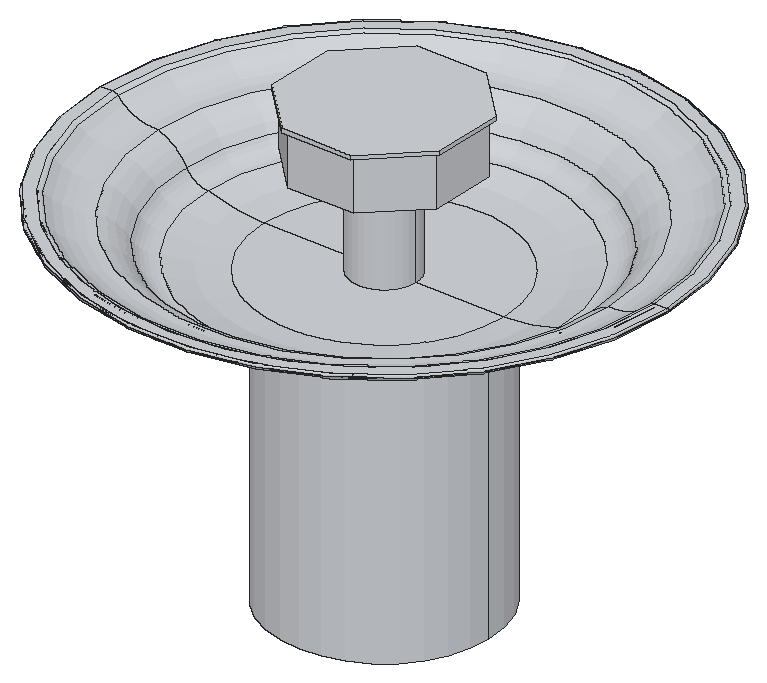
Revit family "Washfountain-Willoughby-5408-WWF", category Plumbing Fixtures, host Face, Revit 2014
Parameters (values of type "Standard")
  Waste DIA = 2"
  Waste Connection = yes
  Vent Connection = no
  URL = "www.willoughby-ind.com"
  Revision = "A"
  Model = "WWF-5406"
  Manufacturer = "Willoughby Industries"
  HW Connection = yes
  HCW DIA = 1/2"
  Fixture Body = Stainless Steel AISI 304-Willoughby
  Description = "Six Station Washfountain"
  Default Elevation = 0' - 0"
  Contact = "800-428-4065"
  CW Connection = yes
Reference planes (in)
  plane 1 "Center (Front/Back)": y = 0
  plane 2: z = 0
  plane 3 "Center (Left/Right)": x = 0
  plane 4: x = -27
  plane 5: x = 27
  plane 6 "Top Pf Sink": z = 34
  plane 7 "Bottom Of Sink": z = 27.5
  plane 8: x = 10
  plane 9: x = -10
  plane 10 "Bottom Of Faucet Head": z = 37.0625
  plane 11 "Faucet Head HGT": z = 41.875
  plane 12 "Top Of Cap": z = 42.25
Forms (in)
  Revolve 1, solid
    sketch origin (0, 0, -20) x (1, 0, 0) y (0, 0, 1)
      loop
        line (-27, 53.83658) -> (-27, 53.7862)
        arc (-27, 53.7862) -> (-26.95279, 53.67221) -> (-26.8388, 53.625) r 0.1612
        line (-26.8388, 53.625) -> (-25.625, 53.625)
        arc (-25.625, 53.625) -> (-23.73121, 52.27152) -> (-21.4375, 51.875) r 5.22415
        arc (-21.4375, 51.875) -> (-20.07609, 51.04401) -> (-19.0625, 49.8125) r 4.79567
        arc (-19.0625, 49.8125) -> (-18.07558, 48.76236) -> (-16.6875, 48.375) r 2.68071
        arc (-16.6875, 48.375) -> (-14.06704, 47.72021) -> (-11.375, 47.5) r 16.56473
        line (-11.375, 47.5) -> (0, 47.5) -> (0, 47.875) -> (-11.375, 47.875)
        arc (-11.375, 47.875) -> (-14.03757, 48.09545) -> (-16.62764, 48.75078) r 16.18973
        arc (-16.62764, 48.75078) -> (-17.85869, 49.06961) -> (-18.73348, 49.99258) r 2.30571
        arc (-18.73348, 49.99258) -> (-19.85977, 51.35263) -> (-21.37804, 52.25438) r 5.17067
        arc (-21.37804, 52.25438) -> (-23.50505, 52.5843) -> (-25.27973, 53.80231) r 4.84915
        arc (-25.27973, 53.80231) -> (-25.48482, 53.94841) -> (-25.73129, 54) r 0.61458
        line (-25.73129, 54) -> (-26.83658, 54)
        arc (-26.83658, 54) -> (-26.95213, 53.95213) -> (-27, 53.83658) r 0.16342
      axis (0, 54) -> (0, 47.5)
    angle from 0 to 360
  Revolve 2, solid
    sketch origin (0, 0, 0) x (1, 0, 0) y (0, 0, 1)
      loop
        line (0, 27.5) -> (-10, 27.5) -> (-10, 0) -> (0, 0) -> (0, 27.5)
      axis (0, 27.5) -> (0, 0)
    angle from 0 to 360
  Revolve 3, solid
    sketch origin (0, 0, 0) x (1, 0, 0) y (0, 0, 1)
      loop
        line (0, 34) -> (0, 37.0625) -> (-3, 37.0625) -> (-3, 27.5) -> (0, 27.5) -> (0, 34)
      axis (0, 37.0625) -> (0, 27.5)
    angle from 0 to 360
  Extrusion 4, solid
    sketch origin (0, 0, 42.25) x (1, 0, 0) y (0, 1, 0)
      loop
        line (-3.3135, 8) -> (-7.9995, 3.314) -> (-7.9995, -3.314) -> (-3.3135, -8) -> (3.3135, -8) -> (7.9995, -3.314) -> (7.9995, 3.314) -> (3.3135, 8) -> (-3.3135, 8)
    from 0 to -0.375
  Extrusion 5, solid
    sketch origin (0, 0, 37.0625) x (1, 0, 0) y (0, 1, 0)
      loop
        line (-3.1065, 7.5) -> (-7.49975, 3.10675) -> (-7.49975, -3.10625) -> (-3.1065, -7.49951) -> (3.1065, -7.49951) -> (7.49975, -3.10625) -> (7.49975, 3.10675) -> (3.1065, 7.5) -> (-3.1065, 7.5)
    from 0 to 4.8125
  Extrusion 6, solid, detail levels medium+fine
    sketch origin (0, 0, 0) x (1, 0, 0) y (0, 1, 0)
      loop
        circle (4, -2) r 1
    from 3 to 6
  Extrusion 7, solid, detail levels medium+fine
    sketch origin (0, 0, 0) x (1, 0, 0) y (0, 1, 0)
      loop
        circle (-2, -2) r 0.25
    from 3 to 6
  Extrusion 8, solid, detail levels medium+fine
    sketch origin (0, 0, 0) x (1, 0, 0) y (0, 1, 0)
      loop
        circle (-2, -6) r 0.25
    from 3 to 6
Lines and regions (in)
  symbolic lines
    curve 1: line (6.92865, 0, 41.875) -> (-6.92865, 0, 41.875)
    curve 2: line (-6.92865, 0, 41.875) -> (-6.92865, 0, 37.0625)
    curve 3: line (-6.92865, 0, 37.0625) -> (6.92865, 0, 37.0625)
    curve 4: line (6.92865, 0, 37.0625) -> (6.92865, 0, 41.875)
    curve 5: line (6.92865, 0, 41.875) -> (7.506, 0, 41.875)
    curve 6: line (7.506, 0, 41.875) -> (7.506, 0, 42.25)
    curve 7: line (7.506, 0, 42.25) -> (-7.506, 0, 42.25)
    curve 8: line (-7.506, 0, 42.25) -> (-7.506, 0, 41.875)
    curve 9: line (-7.506, 0, 41.875) -> (-6.92865, 0, 41.875)
    curve 10: line (-3, 0, 37.0625) -> (-3, 0, 34)
    curve 11: line (3, 0, 37.0625) -> (3, 0, 34)
    curve 12: line (26.87149, 0, 34) -> (-26.83229, 0, 34)
    curve 13: line (-26.83229, 0, 33.61752) -> (26.87149, 0, 33.61752)
    curve 14: arc (26.87149, 0, 33.61752) -> (27.00384, 0, 33.80876) -> (26.87149, 0, 34) r 0.20434
    curve 15: arc (-26.83229, 0, 34) -> (-27.02353, 0, 33.80876) -> (-26.83229, 0, 33.61752) r 0.19124
    curve 16: arc (-25.59331, 0, 33.61752) -> (-23.7164, 0, 32.26691) -> (-21.4375, 0, 31.875) r 5.14341
    curve 17: arc (-21.4375, 0, 31.875) -> (-20.06597, 0, 31.05566) -> (-19.0625, 0, 29.8125) r 4.547
    curve 18: arc (-19.0625, 0, 29.8125) -> (-18.06774, 0, 28.7753) -> (-16.6875, 0, 28.375) r 2.77422
    curve 19: arc (-16.6875, 0, 28.375) -> (-13.38121, 0, 27.65121) -> (-10, 0, 27.5) r 19.83774
    curve 20: line (-10, 0, 27.5) -> (10, 0, 27.5)
    curve 21: arc (10, 0, 27.5) -> (13.38558, 0, 27.6178) -> (16.6875, 0, 28.375) r 17.7964
    curve 22: arc (16.6875, 0, 28.375) -> (18.08141, 0, 28.75272) -> (19.0625, 0, 29.8125) r 2.61603
    curve 23: arc (19.0625, 0, 29.8125) -> (20.07709, 0, 31.04286) -> (21.4375, 0, 31.875) r 4.82202
    curve 24: arc (21.4375, 0, 31.875) -> (23.7314, 0, 32.26527) -> (25.625, 0, 33.61752) r 5.19634
    curve 25: line (-10, 0, 27.5) -> (-10, 0, 0)
    curve 26: line (-10, 0, 0) -> (10, 0, 0)
    curve 27: line (10, 0, 0) -> (10, 0, 27.5)
    curve 28: line (0, 7.5, 41.875) -> (0, -7.49951, 41.875)
    curve 29: line (0, -7.49951, 41.875) -> (0, -7.49951, 37.0625)
    curve 30: line (0, -7.49951, 37.0625) -> (0, 7.5, 37.0625)
    curve 31: line (0, 7.5, 37.0625) -> (0, 7.5, 41.875)
    curve 32: line (0, 7.5, 41.875) -> (0, 8, 41.875)
    curve 33: line (0, 8, 41.875) -> (0, 8, 42.25)
    curve 34: line (0, 8, 42.25) -> (0, -8, 42.25)
    curve 35: line (0, -8, 42.25) -> (0, -8, 41.875)
    curve 36: line (0, -8, 41.875) -> (0, -7.49951, 41.875)
    curve 37: line (0, -3, 37.0625) -> (0, -3, 34)
    curve 38: line (0, 3, 37.0625) -> (0, 3, 34)
    curve 39: line (0, -26.83395, 34) -> (0, 26.91605, 34)
    curve 40: line (0, 26.91605, 33.62562) -> (0, -26.83395, 33.62562)
    curve 41: arc (0, -26.83395, 33.62562) -> (0, -27.02114, 33.81281) -> (0, -26.83395, 34) r 0.18719
    curve 42: arc (0, -25.58395, 33.62562) -> (0, -23.71865, 32.25782) -> (0, -21.4375, 31.875) r 5.00412
    curve 43: arc (0, -21.4375, 31.875) -> (0, -20.07204, 31.04868) -> (0, -19.0625, 29.8125) r 4.69264
    curve 44: arc (0, -19.0625, 29.8125) -> (0, -18.06335, 28.78256) -> (0, -16.6875, 28.375) r 2.83032
    curve 45: arc (0, -16.6875, 28.375) -> (0, -13.38434, 27.62729) -> (0, -10, 27.5) r 18.33134
    curve 46: line (0, -10, 27.5) -> (0, 10, 27.5)
    curve 47: arc (0, 10, 27.5) -> (0, 13.3855, 27.61838) -> (0, 16.6875, 28.375) r 17.82836
    curve 48: arc (0, 16.6875, 28.375) -> (0, 18.06981, 28.77189) -> (0, 19.0625, 29.8125) r 2.74878
    curve 49: arc (0, 19.0625, 29.8125) -> (0, 20.06312, 31.05895) -> (0, 21.4375, 31.875) r 4.48194
    curve 50: arc (0, 21.4375, 31.875) -> (0, 23.7357, 32.26457) -> (0, 25.62805, 33.62562) r 5.16077
    curve 51: line (0, 10, 27.5) -> (0, 10, 0)
    curve 52: line (0, 10, 0) -> (0, -10, 0)
    curve 53: line (0, -10, 0) -> (0, -10, 27.5)
    curve 54: circle (0, 0, 0) r 27 normal (0, 0, 1)
    curve 57: line (-7.9995, 3.314, 0) -> (-3.3135, 8, 0)
    curve 58: line (-3.3135, 8, 0) -> (3.3135, 8, 0)
    curve 59: line (3.3135, 8, 0) -> (7.9995, 3.314, 0)
    curve 60: line (7.9995, 3.314, 0) -> (7.9995, -3.314, 0)
    curve 61: line (7.9995, -3.314, 0) -> (3.3135, -8, 0)
    curve 62: line (3.3135, -8, 0) -> (-3.3135, -8, 0)
    curve 63: line (-3.3135, -8, 0) -> (-7.9995, -3.314, 0)
    curve 64: line (-7.9995, -3.314, 0) -> (-7.9995, 3.314, 0)
    curve 65: line (7.49975, 0, 37.05149) -> (7.49975, 0, 41.875)
    curve 66: line (7.49975, 0, 41.875) -> (-7.506, 0, 41.875)
    curve 67: line (-7.506, 0, 41.875) -> (-7.506, 0, 37.05149)
    curve 68: line (-7.506, 0, 37.05149) -> (7.49975, 0, 37.05149)
    curve 69: line (7.506, 0, 41.875) -> (7.9995, 0, 41.875)
    curve 70: line (7.9995, 0, 41.875) -> (7.9995, 0, 42.25)
    curve 71: line (7.9995, 0, 42.25) -> (-7.9995, 0, 42.25)
    curve 72: line (-7.9995, 0, 42.25) -> (-7.9995, 0, 41.875)
  symbolic lines, detail levels fine
    curve 55: circle (0, 0, 0) r 21.4375 normal (0, 0, 1)
    curve 56: circle (0, 0, 0) r 16.6875 normal (0, 0, 1)
Dimensions and locks (in)
  equal spacing: plane 4, plane 3 "Center (Left/Right)", plane 5
  equal spacing: plane 8, plane 3 "Center (Left/Right)", plane 9, locked at 10 each
  aligned and locked: plane 2 to host face
  aligned and locked: level to host face
  aligned and locked: Revolve 2 sketch curve to Revolve 2 sketch curve  (x2)
  aligned and locked: Revolve 3 sketch curve to Revolve 3 sketch curve  (x2)
  aligned and locked: Extrusion 4 to plane 11 "Faucet Head HGT"
  aligned and locked: plane 12 "Top Of Cap" to Extrusion 4
  aligned and locked: plane 11 "Faucet Head HGT" to Extrusion 5
Automatic sketch dimensions
  host sketch curve to host sketch curve = 8' - 0"  (x2)
  Revolve 2 sketch curve to plane 9 = 0' - 0"
  Revolve 2 sketch curve to plane 3 "Center (Left/Right)" = 0' - 0"
  Revolve 2 sketch curve to level = 0' - 0"  (x2)
  Revolve 2 sketch curve to plane 7 "Bottom Of Sink" = 0' - 0"
  Revolve 3 sketch curve to plane 7 "Bottom Of Sink" = 0' - 0"  (x2)
  Revolve 3 sketch curve to plane 3 "Center (Left/Right)" = 0' - 0"
  Revolve 3 sketch curve to plane 6 "Top Pf Sink" = 0' - 0"
  Revolve 3 sketch curve to Revolve 3 sketch curve = 0' - 3"
  plane 6 "Top Pf Sink" to Revolve 3 sketch curve = 0' - 3 1/16"
  Revolve 1 sketch curve to Revolve 1 sketch curve = 0' - 0"  (x9)
  plane 4 to Revolve 1 sketch curve = 0' - 0"
  Revolve 1 sketch curve to plane 6 "Top Pf Sink" = 0' - 0"  (x2)
  Revolve 1 sketch curve to plane 3 "Center (Left/Right)" = 0' - 0"  (x2)
  Revolve 1 sketch curve to plane 7 "Bottom Of Sink" = 0' - 0"  (x2)
  Revolve 1 sketch curve to Revolve 1 sketch curve = 0' - 0.1612"
  Revolve 1 sketch curve to Revolve 1 sketch curve = 0' - 0.00223"
  Revolve 1 sketch curve to Revolve 1 sketch curve = 0' - 1.10529"
  Revolve 1 sketch curve to Revolve 1 sketch curve = 0' - 0.10629"
  Revolve 1 sketch curve to plane 7 "Bottom Of Sink" = 0' - 0.07688"
  Revolve 1 sketch curve to plane 4 = 0' - 3.77945"
  plane 10 "Bottom Of Faucet Head" to Revolve 1 sketch curve = 0' - 0.02918"
  Revolve 1 sketch curve to Revolve 1 sketch curve = 0' - 4.01447"
  Revolve 1 sketch curve to plane 9 = 0' - 6 11/16"
  Revolve 1 sketch curve to plane 9 = 0' - 1 3/8"
  Revolve 1 sketch curve to Revolve 1 sketch curve = 0' - 0 3/8"
  Revolve 1 sketch curve to plane 6 "Top Pf Sink" = 0' - 2.94429"
  Revolve 1 sketch curve to Revolve 1 sketch curve = 0' - 0.61458"
  Revolve 1 sketch curve to Revolve 1 sketch curve = 0' - 0.23958"
  plane 12 "Top Of Cap" to Revolve 1 sketch curve = 0' - 1.81473"
  Revolve 1 sketch curve to Revolve 1 sketch curve = 0' - 3.84223"
  Revolve 1 sketch curve to Revolve 1 sketch curve = 0' - 0.05946"
  Revolve 1 sketch curve to Revolve 1 sketch curve = 0' - 0.32902"
  plane 1 "Center (Front/Back)" to Extrusion 6 sketch curve = 0' - 2"
  plane 3 "Center (Left/Right)" to Extrusion 6 sketch curve = 0' - 4"
  Extrusion 7 sketch curve to plane 3 "Center (Left/Right)" = 0' - 2"
  plane 1 "Center (Front/Back)" to Extrusion 7 sketch curve = 0' - 2"
  Extrusion 8 sketch curve to plane 3 "Center (Left/Right)" = 0' - 2"
  plane 1 "Center (Front/Back)" to Extrusion 8 sketch curve = 0' - 6"
  Extrusion 4 sketch curve to plane 3 "Center (Left/Right)" = 0' - 3.3135"  (x2)
  plane 9 to Extrusion 4 sketch curve = 0' - 2.0005"
  plane 3 "Center (Left/Right)" to Extrusion 4 sketch curve = 0' - 3.3135"  (x2)
  Extrusion 4 sketch curve to plane 8 = 0' - 2.0005"
  plane 1 "Center (Front/Back)" to Extrusion 4 sketch curve = 0' - 3.314"  (x2)
  Extrusion 4 sketch curve to plane 1 "Center (Front/Back)" = 0' - 3.314"  (x2)
  Extrusion 4 sketch curve to Extrusion 4 sketch curve = 0' - 4.686"  (x2)
  Extrusion 5 sketch curve to plane 3 "Center (Left/Right)" = 0' - 3.1065"  (x2)
  plane 9 to Extrusion 5 sketch curve = 0' - 2.50025"
  plane 3 "Center (Left/Right)" to Extrusion 5 sketch curve = 0' - 3.1065"  (x2)
  Extrusion 5 sketch curve to plane 8 = 0' - 2.50025"
  plane 1 "Center (Front/Back)" to Extrusion 5 sketch curve = 0' - 3.10625"  (x2)
  Extrusion 5 sketch curve to plane 1 "Center (Front/Back)" = 0' - 3.10675"  (x2)
  Extrusion 5 sketch curve to Extrusion 5 sketch curve = 0' - 4.39325"  (x2)
  curve 54 to curve 56 = 0' - 0"  (x2)
  curve 55 to curve 56 = 0' - 0"  (x2)
  plane 1 "Center (Front/Back)" to curve 54 = 0' - 0"
  curve 54 to plane 3 "Center (Left/Right)" = 0' - 0"
  curve 62 to plane 3 "Center (Left/Right)" = 0' - 3.3135"
  curve 57 to plane 3 "Center (Left/Right)" = 0' - 3.3135"
  plane 3 "Center (Left/Right)" to curve 61 = 0' - 3.3135"
  plane 3 "Center (Left/Right)" to curve 59 = 0' - 3.3135"
  curve 59 to plane 8 = 0' - 2.0005"
  plane 1 "Center (Front/Back)" to curve 61 = 0' - 3.314"
  plane 1 "Center (Front/Back)" to curve 63 = 0' - 8"
  curve 60 to plane 1 "Center (Front/Back)" = 0' - 3.314"
  curve 58 to plane 1 "Center (Front/Back)" = 0' - 8"
  plane 9 to curve 64 = 0' - 2.0005"
  plane 1 "Center (Front/Back)" to curve 64 = 0' - 3.314"
  curve 57 to plane 1 "Center (Front/Back)" = 0' - 3.314"
  curve 15 to plane 6 "Top Pf Sink" = 0' - 0"
  curve 19 to plane 7 "Bottom Of Sink" = 0' - 0"
  curve 19 to plane 9 = 0' - 0"
  curve 72 to plane 11 "Faucet Head HGT" = 0' - 0"
  curve 71 to plane 12 "Top Of Cap" = 0' - 0"
  curve 8 to plane 11 "Faucet Head HGT" = 0' - 0"
  curve 7 to plane 12 "Top Of Cap" = 0' - 0"
  curve 3 to plane 10 "Bottom Of Faucet Head" = 0' - 0"
  curve 20 to plane 8 = 0' - 0"
  curve 25 to level = 0' - 0"
  curve 19 to plane 9 = 0' - 0.80755"
  curve 18 to plane 9 = 0' - 6.63125"
  curve 16 to plane 10 "Bottom Of Faucet Head" = 0' - 0.05227"
  curve 16 to plane 4 = 0' - 5.27247"
  plane 7 "Bottom Of Sink" to curve 17 = 0' - 0.12253"
  curve 17 to plane 4 = 0' - 3.95262"
  curve 12 to plane 4 = 0' - 0.16771"
  plane 9 to curve 8 = 0' - 2.494"
  curve 8 to curve 9 = 0' - 0.57735"
  curve 5 to plane 8 = 0' - 3.07135"
  curve 68 to plane 10 "Bottom Of Faucet Head" = 0' - 0.01101"
  curve 3 to curve 68 = 0' - 0.5711"
  curve 65 to curve 6 = 0' - 0.00625"
  curve 6 to curve 71 = 0' - 0.4935"
  plane 8 to curve 21 = 0' - 1.07676"
  plane 8 to curve 22 = 0' - 6.72683"
  plane 10 "Bottom Of Faucet Head" to curve 24 = 0' - 0.00031"
  plane 5 to curve 24 = 0' - 5.26498"
  curve 23 to plane 7 "Bottom Of Sink" = 0' - 0.09793"
  plane 5 to curve 23 = 0' - 3.76117"
  plane 5 to curve 14 = 0' - 0.20051"
  plane 5 to curve 13 = 0' - 0.12851"
  plane 5 to curve 12 = 0' - 0.12851"
  curve 22 to plane 6 "Top Pf Sink" = 0' - 3.00927"
  curve 18 to plane 6 "Top Pf Sink" = 0' - 2.85136"
  curve 13 to curve 15 = 0' - 0.38248"
  plane 12 "Top Of Cap" to curve 21 = 0' - 3.01379"
  plane 12 "Top Of Cap" to curve 19 = 0' - 5.0713"
  plane 7 "Bottom Of Sink" to curve 19 = 0' - 0 7/8"
  curve 17 to curve 18 = 0' - 0"
  curve 16 to plane 6 "Top Pf Sink" = 0' - 2 1/8"
  curve 72 to curve 7 = 0' - 0.4935"
  curve 10 to plane 3 "Center (Left/Right)" = 0' - 3"
  plane 3 "Center (Left/Right)" to curve 11 = 0' - 3"
  plane 7 "Bottom Of Sink" to curve 21 = 0' - 0 7/8"
  plane 7 "Bottom Of Sink" to curve 23 = 0' - 2 5/16"
  curve 23 to plane 6 "Top Pf Sink" = 0' - 2 1/8"
  curve 41 to plane 6 "Top Pf Sink" = 0' - 0"
  curve 46 to plane 7 "Bottom Of Sink" = 0' - 0"
  curve 52 to level = 0' - 0"
  curve 34 to plane 12 "Top Of Cap" = 0' - 0"
  curve 35 to plane 11 "Faucet Head HGT" = 0' - 0"
  curve 29 to plane 10 "Bottom Of Faucet Head" = 0' - 0"
  curve 40 to plane 6 "Top Pf Sink" = 0' - 0.37438"
  plane 1 "Center (Front/Back)" to curve 40 = 2' - 2.83395"
  plane 7 "Bottom Of Sink" to curve 43 = 0' - 0.00558"
  curve 41 to curve 43 = 0' - 3.68501"
  curve 42 to plane 10 "Bottom Of Faucet Head" = 0' - 0.19459"
  curve 39 to curve 42 = 0' - 5.06167"
  curve 43 to curve 44 = 0' - 6.55113"
  plane 12 "Top Of Cap" to curve 45 = 0' - 3.55371"
  plane 1 "Center (Front/Back)" to curve 45 = 0' - 11.00611"
  curve 44 to curve 46 = 0' - 6.59781"
  curve 45 to curve 34 = 0' - 3.00611"
  curve 35 to curve 29 = 0' - 0.50049"
  curve 30 to plane 1 "Center (Front/Back)" = 0' - 7 1/2"
  curve 31 to curve 32 = 0' - 0 1/2"
  curve 30 to curve 51 = 0' - 2 1/2"
  curve 33 to curve 47 = 0' - 3.07254"
  curve 48 to plane 6 "Top Pf Sink" = 0' - 2.87653"
  curve 47 to curve 48 = 0' - 6.64648"
  curve 50 to plane 10 "Bottom Of Faucet Head" = 0' - 0.03598"
  curve 48 to curve 50 = 0' - 5.09989"
  plane 7 "Bottom Of Sink" to curve 49 = 0' - 0.17493"
  curve 48 to curve 49 = 0' - 6.35538"
  curve 44 to plane 6 "Top Pf Sink" = 0' - 2.7961"
  plane 12 "Top Of Cap" to curve 47 = 0' - 3.04607"
  curve 40 to curve 42 = 0' - 1 1/4"
  curve 43 to plane 6 "Top Pf Sink" = 0' - 2 1/8"
  curve 44 to curve 43 = 0' - 0"
  plane 1 "Center (Front/Back)" to curve 37 = 0' - 3"
  curve 38 to plane 1 "Center (Front/Back)" = 0' - 3"
  plane 7 "Bottom Of Sink" to curve 47 = 0' - 0 7/8"
  curve 49 to curve 48 = 0' - 0"
  curve 50 to plane 6 "Top Pf Sink" = 0' - 2 1/8"
  curve 50 to curve 39 = 0' - 1.288"
  curve 40 to curve 39 = 0' - 0"
  radius of Extrusion 6 sketch curve = 0' - 1"
  radius of Extrusion 7 sketch curve = 0' - 0 1/4"
  radius of Extrusion 8 sketch curve = 0' - 0 1/4"
  radius of curve 54 = 2' - 3"
  radius of curve 55 = 1' - 9 7/16"
  radius of curve 56 = 1' - 4 11/16"
Connectors (in)
  piping at (-2, -6, 3), diameter 0.5, driven by "HCW DIA", driven by "HW Connection"
    settings: on Extrusion 8, index 1, connector inside diameter 24", connector length 0' - 0", flow factor 0, pipe flow 0.5 GPM, pressure drop 0.00 psi, fitting loss kfactor 0, connector angle 0.00°, fixture units 0, engagement length 0' - 0", angle of deflection 0.00°, flow configuration 0, flow direction 1, fitting loss method 0, system type 19, joint type 0, gender type 0, connector reference index -1, connector utility 1, adjustable connector no, is connector primary yes, connector description "HW Inlet"
  piping at (-2, -2, 3), diameter 0.5, driven by "HCW DIA", driven by "CW Connection"
    settings: on Extrusion 7, index 2, connector inside diameter 24", connector length 0' - 0", flow factor 0, pipe flow 0.5 GPM, pressure drop 0.00 psi, fitting loss kfactor 0, connector angle 0.00°, fixture units 0, engagement length 0' - 0", angle of deflection 0.00°, flow configuration 0, flow direction 1, fitting loss method 0, system type 20, joint type 0, gender type 0, connector reference index -1, connector utility 1, adjustable connector no, is connector primary no, connector description "CW Inlet"
  piping at (4, -2, 3), diameter 2, driven by "Waste DIA", driven by "Waste Connection"
    settings: on Extrusion 6, index 3, connector inside diameter 24", connector length 0' - 0", flow factor 0, pipe flow 0 GPM, pressure drop 0.00 psi, fitting loss kfactor 0, connector angle 0.00°, fixture units 0, engagement length 0' - 0", angle of deflection 0.00°, flow configuration 0, flow direction 2, fitting loss method 0, system type 16, joint type 0, gender type 0, connector reference index -1, connector utility 1, adjustable connector no, is connector primary no, connector description "Sink Waste"
